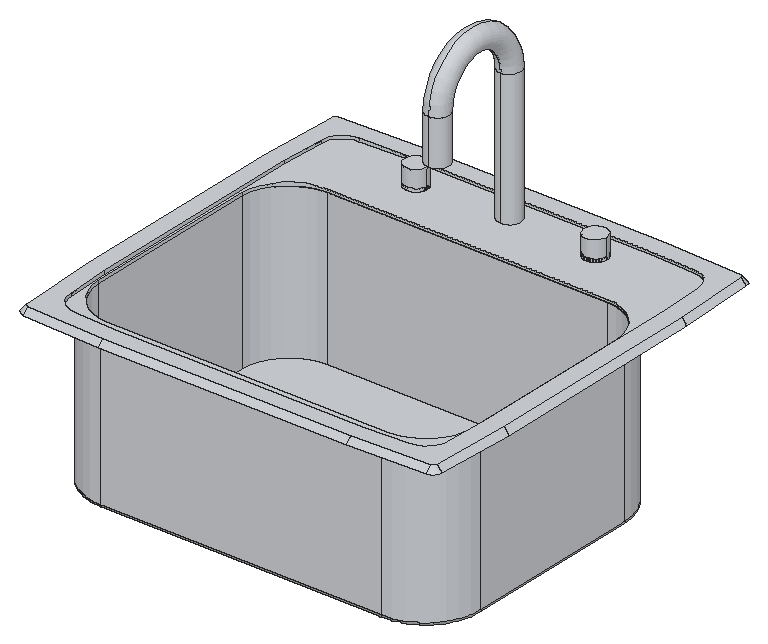
Revit family
Parameters (values of type "PSR1918")
  Width = 1' - 6"
  WFU = 1
  URL = "http://www.elkayusa.com"
  Sanitary Radius = 5/8"
  Sanitary Diameter = Sanitary Radius * 2  # 1 1/4"
  Model = "PSR1918"
  Manufacturer = "ELKAY"
  Length = 1' - 7"
  Hot Water Radius = 1/4"
  Hot Water Diameter = Hot Water Radius * 2  # 1/2"
  HWFU = 1.5
  Flow Pressure [instance] = 8.00 psi
  Depth = 0' - 7 1/8"
  Cost = 433
  Cold Water Radius = 1/4"
  Cold Water Diameter = Cold Water Radius * 2  # 1/2"
  CWFU = 1.5
Types (3): name | Width | Model | Length | Cost
  (no name) | 1' - 6" | "PSR1918" | 1' - 7" | 433
  PSR1918 | 1' - 6" | "PSR1918" | 1' - 7" | 433
  PSR1517 | 1' - 5 1/2" | "PSR1517" | 1' - 3" | 403
Reference planes (in)
  plane 1 "Center (Front/Back)": y = 0
  plane 2: z = 0
  plane 3 "Center (Left/Right)": x = 0
  plane 4: z = -7.125
  plane 5: x = -9.5
  plane 6: y = -9
  plane 7: x = 9.5
  plane 8: y = 9
  plane 9: x = -8.3476
  plane 10: x = 8.3476
  plane 11: y = 4.5976
  plane 12: y = -7.5976
  plane 13: z = -6.875
Forms (in)
  Extrusion 1, solid
    sketch origin (0, -1.5, 0) x (1, 0, 0) y (0, 1, 0)
      loop
        line (5.50857, 9.50432) -> (-5.50857, 9.50432) -> (-7.46715, 9.41652)
        arc (-7.46715, 9.41652) -> (-8.12611, 9.12611) -> (-8.41652, 8.46715) r 0.99492
        line (-8.41652, 8.46715) -> (-8.50432, 6.50857) -> (-8.50432, -3.50857) -> (-8.41652, -5.46715)
        arc (-8.41652, -5.46715) -> (-8.12611, -6.12611) -> (-7.46715, -6.41652) r 0.99492
        line (-7.46715, -6.41652) -> (-5.50857, -6.50432) -> (5.50857, -6.50432) -> (7.46715, -6.41652)
        arc (7.46715, -6.41652) -> (8.12611, -6.12611) -> (8.41652, -5.46715) r 0.99492
        line (8.41652, -5.46715) -> (8.50432, -3.50857) -> (8.50432, 6.50857) -> (8.41652, 8.46715)
        arc (8.41652, 8.46715) -> (8.12611, 9.12611) -> (7.46715, 9.41652) r 0.99492
        line (7.46715, 9.41652) -> (5.50857, 9.50432)
    from 0 to 0.25
  Blend 2, solid
    base sketch origin (0, -1.5, 0) x (1, 0, 0) y (0, 1, 0)
      loop
        line (-5.51721, 10.5) -> (-8.98769, 10.34443)
        arc (-8.98769, 10.34443) -> (-9.23361, 10.23605) -> (-9.34199, 9.99013) r 0.3713
        line (-9.34199, 9.99013) -> (-9.5, 6.46522) -> (-9.5, -3.46522) -> (-9.34199, -6.99013)
        arc (-9.34199, -6.99013) -> (-9.23361, -7.23605) -> (-8.98769, -7.34443) r 0.3713
        line (-8.98769, -7.34443) -> (-5.51721, -7.5) -> (5.51721, -7.5) -> (8.98769, -7.34443)
        arc (8.98769, -7.34443) -> (9.23361, -7.23605) -> (9.34199, -6.99013) r 0.3713
        line (9.34199, -6.99013) -> (9.5, -3.46522) -> (9.5, 6.46522) -> (9.34199, 9.99013)
        arc (9.34199, 9.99013) -> (9.23361, 10.23605) -> (8.98769, 10.34443) r 0.3713
        line (8.98769, 10.34443) -> (5.51721, 10.5) -> (-5.51721, 10.5)
    top sketch origin (0, -1.5, 0) x (1, 0, 0) y (0, 1, 0)
      loop
        line (-5.51238, 10.2847) -> (-8.97805, 10.12934)
        arc (-8.97805, 10.12934) -> (-9.08137, 10.08381) -> (-9.1269, 9.98049) r 0.156
        line (-9.1269, 9.98049) -> (-9.2847, 6.46039) -> (-9.2847, -3.46039) -> (-9.1269, -6.98049)
        arc (-9.1269, -6.98049) -> (-9.08137, -7.08381) -> (-8.97805, -7.12934) r 0.156
        line (-8.97805, -7.12934) -> (-5.51238, -7.2847) -> (5.51238, -7.2847) -> (8.97805, -7.12934)
        arc (8.97805, -7.12934) -> (9.08137, -7.08381) -> (9.1269, -6.98049) r 0.156
        line (9.1269, -6.98049) -> (9.2847, -3.46039) -> (9.2847, 6.46039) -> (9.1269, 9.98049)
        arc (9.1269, 9.98049) -> (9.08137, 10.08381) -> (8.97805, 10.12934) r 0.156
        line (8.97805, 10.12934) -> (5.51238, 10.2847) -> (-5.51238, 10.2847)
    from 0 to 0.25
  Extrusion 3, void
    sketch origin (0, -1.5, 0) x (1, 0, 0) y (0, 1, 0)
      loop
        line (-5.50857, 9.50432) -> (-7.46715, 9.41652)
        arc (-7.46715, 9.41652) -> (-8.12611, 9.12611) -> (-8.41652, 8.46715) r 0.99492
        line (-8.41652, 8.46715) -> (-8.50432, 6.50857) -> (-8.50432, -3.50857) -> (-8.41652, -5.46715)
        arc (-8.41652, -5.46715) -> (-8.12611, -6.12611) -> (-7.46715, -6.41652) r 0.99492
        line (-7.46715, -6.41652) -> (-5.50857, -6.50432) -> (5.50857, -6.50432) -> (7.46715, -6.41652)
        arc (7.46715, -6.41652) -> (8.12611, -6.12611) -> (8.41652, -5.46715) r 0.99492
        line (8.41652, -5.46715) -> (8.50432, -3.50857) -> (8.50432, 6.50857) -> (8.41652, 8.46715)
        arc (8.41652, 8.46715) -> (8.12611, 9.12611) -> (7.46715, 9.41652) r 0.99492
        line (7.46715, 9.41652) -> (5.50857, 9.50432) -> (-5.50857, 9.50432)
      loop
        circle (-4, 8.25432) r 0.5
      loop
        circle (4, 8.25432) r 0.5
    from 0.125 to 0.5
  Sweep 4, solid
    path origin (0, -1.5, 0) x (1, 0, 0) y (0, 1, 0)
      loop
        arc (-6.25, 6.0976) -> (-7.73323, 5.48323) -> (-8.3476, 4) r 2.0976
        line (-8.3476, 4) -> (-8.3476, -4)
        arc (-8.3476, -4) -> (-7.73323, -5.48323) -> (-6.25, -6.0976) r 2.0976
        line (-6.25, -6.0976) -> (6.25, -6.0976)
        arc (6.25, -6.0976) -> (7.73323, -5.48323) -> (8.3476, -4) r 2.0976
        line (8.3476, -4) -> (8.3476, 4)
        arc (8.3476, 4) -> (7.73323, 5.48323) -> (6.25, 6.0976) r 2.0976
        line (6.25, 6.0976) -> (-6.25, 6.0976)
    profile origin (0, 4.5976, 0) x (0, 1, 0) y (0, 0, 1)
      loop
        line (0.36762, 0) -> (0, 0) -> (0, -7.125) -> (0.24262, -7.125)
        arc (0.24262, -7.125) -> (0.331, -7.08839) -> (0.36762, -7) r 0.125
        line (0.36762, -7) -> (0.36762, 0)
  Extrusion 5, solid
    sketch origin (0, -1.5, -7.125) x (1, 0, 0) y (0, 1, 0)
      loop
        line (6.25, 6.0976) -> (-6.25, 6.0976)
        arc (-6.25, 6.0976) -> (-7.73323, 5.48323) -> (-8.3476, 4) r 2.0976
        line (-8.3476, 4) -> (-8.3476, -4)
        arc (-8.3476, -4) -> (-7.73323, -5.48323) -> (-6.25, -6.0976) r 2.0976
        line (-6.25, -6.0976) -> (6.25, -6.0976)
        arc (6.25, -6.0976) -> (7.73323, -5.48323) -> (8.3476, -4) r 2.0976
        line (8.3476, -4) -> (8.3476, 4)
        arc (8.3476, 4) -> (7.73323, 5.48323) -> (6.25, 6.0976) r 2.0976
    from 0 to 0.25
  Extrusion 6, solid
    sketch origin (0, -1.5, 0) x (1, 0, 0) y (0, 1, 0)
      loop
        circle (-4, 8.25432) r 0.5
    from 0 to 1
  Extrusion 7, solid
    sketch origin (0, -1.5, 0) x (-1, 0, 0) y (0, -1, 0)
      loop
        circle (-4, -8.25432) r 0.5
    from 0 to 1
  Extrusion 8, void
    sketch origin (0, -1.5, 0.125) x (0, 1, 0) y (1, 0, 0)
      loop
        arc (6.0976, 6.25) -> (5.48323, 7.73323) -> (4, 8.3476) r 2.0976
        line (4, 8.3476) -> (-4, 8.3476)
        arc (-4, 8.3476) -> (-5.48323, 7.73323) -> (-6.0976, 6.25) r 2.0976
        line (-6.0976, 6.25) -> (-6.0976, -6.25)
        arc (-6.0976, -6.25) -> (-5.48323, -7.73323) -> (-4, -8.3476) r 2.0976
        line (-4, -8.3476) -> (4, -8.3476)
        arc (4, -8.3476) -> (5.48323, -7.73323) -> (6.0976, -6.25) r 2.0976
        line (6.0976, -6.25) -> (6.0976, 6.25)
    from 0 to 0.5
  Sweep 9, solid
    path origin (0, 0, 0) x (0, 1, 0) y (0, 0, 1)
      loop
        line (6.96715, 0.125) -> (6.96715, 6.125)
        arc (6.96715, 6.125) -> (4.96715, 8.125) -> (2.96715, 6.125) r 2
        line (2.96715, 6.125) -> (2.96715, 4.125)
    profile origin (0, 6.96715, 3.125) x (0, -1, 0) y (1, 0, 0)
      loop
        circle (0, 0) r 0.5
Cuts and joins
  Extrusion 3, Extrusion 8 cuts Extrusion 1
  Extrusion 3, Extrusion 8 cuts Blend 2
  Extrusion 3 cuts Extrusion 6
  Extrusion 3 cuts Extrusion 7
  Extrusion 8 cuts Sweep 4
Dimensions and locks (in)
  equal spacing: plane 5, plane 3 "Center (Left/Right)", plane 7
  "Width": plane 8 to plane 6
  "Length": plane 5 to plane 7
  equal spacing: plane 8, plane 1 "Center (Front/Back)", plane 6
  "Depth": level to plane 4
  locked: plane 5 to Blend 2 sketch curve at 0.2153
  locked: plane 8 to Blend 2 sketch curve at 0.2153
  locked: Blend 2 sketch curve to plane 7 at 0.2153
  locked: plane 6 to Blend 2 sketch curve at 0.2153
  locked: plane 5 to plane 9 at 1.1524
  locked: plane 10 to plane 7 at 1.1524
  locked: plane 12 to plane 6 at 1.4024
  locked: plane 8 to plane 11 at 4.4024
  locked: plane 13 to plane 4 at 0.25
  locked: Extrusion 3 sketch curve to plane 3 "Center (Left/Right)" at 4
  locked: plane 3 "Center (Left/Right)" to Extrusion 3 sketch curve at 4
  aligned and locked: level to plane 2
  aligned and locked: cut or joined group of Blend 2, Extrusion 3, Extrusion 8 to plane 8
  aligned and locked: cut or joined group of Blend 2, Extrusion 3, Extrusion 8 to plane 5
  aligned and locked: plane 7 to cut or joined group of Blend 2, Extrusion 3, Extrusion 8
  aligned and locked: plane 6 to cut or joined group of Blend 2, Extrusion 3, Extrusion 8
  aligned and locked: plane 5 to Blend 2 sketch curve
  aligned and locked: plane 8 to Blend 2 sketch curve
  aligned and locked: Blend 2 sketch curve to plane 7
  aligned and locked: Blend 2 sketch curve to plane 6
  aligned and locked: Sweep 4 sketch curve to plane 11
  aligned and locked: plane 9 to Sweep 4 sketch curve
  aligned and locked: Sweep 4 sketch curve to plane 12
  aligned and locked: Sweep 4 sketch curve to plane 10
  aligned and locked: Extrusion 5 to plane 4
  aligned and locked: Sweep 4 sketch curve to plane 4
  aligned and locked: plane 13 to Extrusion 5
Automatic sketch dimensions
  plane 9 to Extrusion 1 sketch curve = 0' - 0.15672"
  plane 9 to Extrusion 1 sketch curve = 0' - 0.06892"  (x2)
  Extrusion 1 sketch curve to plane 9 = 0' - 0.88045"  (x2)
  Extrusion 1 sketch curve to plane 9 = 0' - 0.925"  (x2)
  plane 12 to Extrusion 1 sketch curve = 0' - 0.675"
  Extrusion 1 sketch curve to plane 12 = 0' - 0.40672"
  Extrusion 1 sketch curve to Extrusion 1 sketch curve = 0' - 1.95858"  (x4)
  Extrusion 1 sketch curve to plane 8 = 0' - 0.99568"
  plane 10 to Extrusion 1 sketch curve = 0' - 2.83903"  (x2)
  plane 10 to Extrusion 1 sketch curve = 0' - 0.925"  (x2)
  plane 10 to Extrusion 1 sketch curve = 0' - 0.88045"  (x2)
  Extrusion 1 sketch curve to plane 12 = 0' - 0.31892"
  Extrusion 1 sketch curve to plane 10 = 0' - 0.06892"  (x2)
  Extrusion 1 sketch curve to plane 10 = 0' - 0.15672"
  Extrusion 1 sketch curve to Extrusion 1 sketch curve = 0' - 0.99392"
  plane 12 to Extrusion 1 sketch curve = 0' - 0.63045"
  plane 11 to Extrusion 1 sketch curve = 0' - 0.41097"  (x2)
  Extrusion 1 sketch curve to plane 8 = 0' - 2.0774"  (x2)
  Extrusion 1 sketch curve to Extrusion 1 sketch curve = 0' - 0.04455"  (x2)
  Blend 2 sketch curve to plane 5 = 0' - 0.15801"  (x2)
  Blend 2 sketch curve to plane 8 = 0' - 0.15557"  (x2)
  Blend 2 sketch curve to Blend 2 sketch curve = 0' - 0.3543"  (x4)
  plane 6 to Blend 2 sketch curve = 0' - 0.15557"  (x2)
  Blend 2 sketch curve to Blend 2 sketch curve = 0' - 0.01663"  (x3)
  Blend 2 sketch curve to Blend 2 sketch curve = 0' - 0.37093"  (x3)
  Blend 2 sketch curve to plane 9 = 0' - 2.83039"  (x2)
  plane 10 to Blend 2 sketch curve = 0' - 2.83039"  (x2)
  plane 7 to Blend 2 sketch curve = 0' - 0.52894"  (x4)
  plane 7 to Blend 2 sketch curve = 0' - 0.15801"  (x2)
  plane 12 to Blend 2 sketch curve = 0' - 2.63238"  (x2)
  plane 11 to Blend 2 sketch curve = 0' - 0.36762"  (x2)
  Blend 2 sketch curve to plane 5 = 0' - 0.3731"  (x2)
  Blend 2 sketch curve to Blend 2 sketch curve = 0' - 0.14886"  (x4)
  Blend 2 sketch curve to Blend 2 sketch curve = 0' - 0.00699"  (x6)
  Blend 2 sketch curve to plane 9 = 0' - 2.83522"  (x2)
  plane 10 to Blend 2 sketch curve = 0' - 2.83522"  (x2)
  plane 6 to Blend 2 sketch curve = 0' - 0.37066"  (x2)
  Blend 2 sketch curve to Blend 2 sketch curve = 0' - 0.15584"  (x2)
  plane 12 to Blend 2 sketch curve = 0' - 2.63721"  (x2)
  plane 11 to Blend 2 sketch curve = 0' - 0.36279"  (x2)
  Blend 2 sketch curve to plane 8 = 0' - 0.5265"  (x2)
  Extrusion 3 sketch curve to Extrusion 3 sketch curve = 0' - 1.50857"  (x2)
  Extrusion 3 sketch curve to plane 12 = 0' - 0.40672"
  Extrusion 3 sketch curve to plane 9 = 0' - 2.83903"
  Extrusion 3 sketch curve to plane 9 = 0' - 0.925"  (x2)
  Extrusion 3 sketch curve to plane 9 = 0' - 0.88045"  (x2)
  Extrusion 3 sketch curve to plane 12 = 0' - 0.31892"  (x2)
  plane 9 to Extrusion 3 sketch curve = 0' - 0.06892"  (x2)
  plane 9 to Extrusion 3 sketch curve = 0' - 0.15672"
  plane 10 to Extrusion 3 sketch curve = 0' - 2.83903"
  plane 10 to Extrusion 3 sketch curve = 0' - 0.925"  (x2)
  plane 10 to Extrusion 3 sketch curve = 0' - 0.88045"  (x2)
  Extrusion 3 sketch curve to plane 10 = 0' - 0.06892"  (x2)
  Extrusion 3 sketch curve to plane 10 = 0' - 0.15672"
  plane 12 to Extrusion 3 sketch curve = 0' - 0.63045"  (x2)
  Extrusion 3 sketch curve to Extrusion 3 sketch curve = 0' - 1.95858"  (x2)
  plane 11 to Extrusion 3 sketch curve = 0' - 0.41097"  (x2)
  plane 11 to Extrusion 3 sketch curve = 0' - 2.15672"  (x2)
  Extrusion 3 sketch curve to plane 8 = 0' - 2.0774"  (x2)
  Extrusion 3 sketch curve to Extrusion 3 sketch curve = 0' - 0.04455"  (x2)
  Extrusion 3 sketch curve to plane 8 = 0' - 0.99568"
  Sweep 4 sketch curve to Sweep 4 sketch curve = 0' - 2.0976"
  Sweep 4 sketch curve to plane 9 = 0' - 2.0976"
  plane 10 to Sweep 4 sketch curve = 0' - 2.0976"  (x2)
  Sweep 4 sketch curve to level = 0' - 0"
  Sweep 4 sketch curve to profile plane = 0' - 0"
  Sweep 4 sketch curve to profile plane = 0' - 0.24262"
  Sweep 4 sketch curve to Sweep 4 sketch curve = 0' - 0 1/8"
  Extrusion 5 sketch curve to plane 9 = 0' - 0"
  Extrusion 5 sketch curve to plane 12 = 0' - 0"
  Extrusion 5 sketch curve to plane 11 = 0' - 0"
  Extrusion 5 sketch curve to plane 10 = 0' - 0"
  Extrusion 5 sketch curve to plane 9 = 0' - 2.0976"  (x2)
  plane 10 to Extrusion 5 sketch curve = 0' - 2.0976"  (x2)
  Extrusion 6 sketch curve to plane 3 "Center (Left/Right)" = 0' - 4"
  plane 11 to Extrusion 6 sketch curve = 0' - 2.15672"
  Extrusion 7 sketch curve to plane 3 "Center (Left/Right)" = 0' - 4"
  Extrusion 7 sketch curve to plane 11 = 0' - 2.15672"
  Extrusion 8 sketch curve to Extrusion 3 = 0' - 0.40672"
  Extrusion 8 sketch curve to Extrusion 3 = 0' - 0.15672"  (x2)
  Extrusion 8 sketch curve to Extrusion 3 = 0' - 2.50432"  (x2)
  Extrusion 8 sketch curve to Extrusion 3 = 0' - 2.25432"
  Extrusion 8 sketch curve to Extrusion 3 = 0' - 5.50432"
  Extrusion 8 sketch curve to Extrusion 8 sketch curve = 0' - 2.0976"
  Sweep 9 sketch curve to plane 11 = 0' - 1.63045"
  plane 11 to Sweep 9 sketch curve = 0' - 0.36955"
  level to Sweep 9 sketch curve = 0' - 0 1/8"
  level to Sweep 9 sketch curve = 0' - 4 1/8"
  Sweep 9 sketch curve to Sweep 9 sketch curve = 0' - 2"
  Sweep 9 sketch curve to plane 3 "Center (Left/Right)" = 0' - 0"
  Sweep 9 sketch curve to profile plane = 0' - 0"
  radius of Extrusion 3 sketch curve = 0' - 0 1/2"  (x2)
  radius of Extrusion 6 sketch curve = 0' - 0 1/2"
  radius of Extrusion 7 sketch curve = 0' - 0 1/2"
  radius of Sweep 9 sketch curve = 0' - 0 1/2"
Connectors (in)
  piping at (0, -1.5, -7.125), driven by "Sanitary Radius", driven by "WFU"
    settings: on cut or joined group of Sweep 4, Extrusion 8, index 1, connector radius 5/8", flow factor 0, pipe flow 0 GPM, pressure drop 0.00 psi, fitting loss kfactor 0, connector angle 0.00°, fixture units 1, flow configuration 3, flow direction 2, fitting loss method 0, system type 16, connector reference index -1, connector utility 0, adjustable connector no, is connector primary yes, fitting loss table "", connector description "Out"
  piping at (-4, 6.75432, 0), driven by "Hot Water Radius", driven by "HWFU", driven by "Flow Pressure"
    settings: on cut or joined group of Extrusion 3, Extrusion 6, index 2, connector radius 1/4", flow factor 0, pipe flow 0 GPM, pressure drop 8.00 psi, fitting loss kfactor 0, connector angle 0.00°, fixture units 1.5, flow configuration 3, flow direction 1, fitting loss method 4, system type 19, connector reference index -1, connector utility 0, adjustable connector no, is connector primary no, fitting loss table "", connector description "In"
  piping at (4, 6.75432, 0), driven by "Cold Water Radius", driven by "CWFU", driven by "Flow Pressure"
    settings: on cut or joined group of Extrusion 3, Extrusion 7, index 3, connector radius 1/4", flow factor 0, pipe flow 0 GPM, pressure drop 8.00 psi, fitting loss kfactor 0, connector angle 0.00°, fixture units 1.5, flow configuration 3, flow direction 1, fitting loss method 4, system type 20, connector reference index -1, connector utility 0, adjustable connector no, is connector primary no, fitting loss table "", connector description "In"
